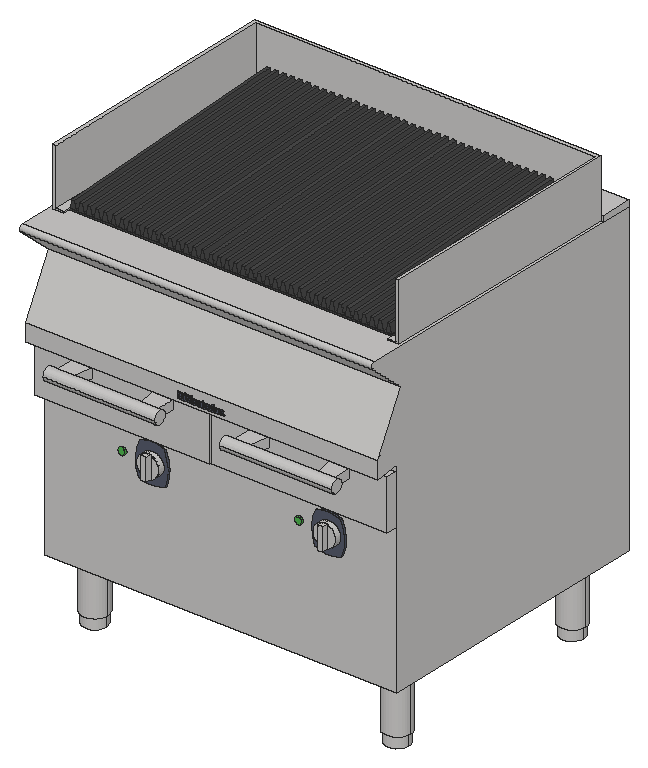
Revit family "QF_ELECTROLUXPROFESSIONAL_371438_E7JJATBAMEI", category Attrezzature speciali, Revit 2018
Family settings
  Quota connettore circolare = Usa diametro
  Tipo di parte = Normale
  Basato su piano di lavoro = No
  Sempre verticale = Sì
  Taglio con vuoti quando caricato = No
  Condiviso = No
  Punto di calcolo locali = No
Parameters (values of type "Standard")
  Weight = 75.00 kg
  Watts = 0 W
  Volts = 0 V
  URL Manufacturer = "https://www.electroluxprofessional.com/"
  URL = "https://www.electroluxprofessional.com/"
  Steam Supply Size = 0"
  Steam Supply Minimum Pressure = 0.00 psi
  Steam Supply Maximum Pressure = 0.00 psi
  Steam Consumption per Hour = 0
  Show Logo [instance] = yes
  Show Clearance [instance] = yes
  Refrigeration Suction Line Size = 0 mm
  Refrigeration Liquid Line Size = 0 mm
  Refrigerant Compressor Remote = yes
  Phase = 0
  Modello = "E7JJATBAMEI"
  Produttore = "Electrolux Professional"
  Length Actual = 800 mm  # constant formula
  Item Number = "371438"
  Hot Water Size = 0"
  Height Actual = 850 mm  # constant formula
  HP = "0 HP"
  Gas Size = 1/2"
  Gas KW = 16
  Gas Input Pressure = 0.269449 Btu/h
  Direct Waste Size = 0"
  Descrizione = "GAS GRILL ON BASE 800MM - QMARK"
  Depth Actual = 730 mm  # constant formula
  Cycle = 0 Hz
  Condensate Return Size = 0"
  Compressed Air Volume = 0 GPM
  Compressed Air Size = 0"
  Compressed Air Pressure = 0.00 psi
  Cold Water Size = 0"
  Base Height [instance] = 150 mm  # constant formula
  Assembly Code = ""
  Accessory = yes
Values of the unnamed type that differ from the named types
  Weight = 0.00 kg
  URL Manufacturer = ""
  Item Number = ""
  HP = ""
  Gas KW = 0
  Gas Input Pressure = 0.0 Btu/h
Reference planes
  plane 1 "BACK": y = 0
  plane 2: z = 0
  plane 3 "LEFT": x = 0
  plane 4 "RIGHT": x = 800.1
  plane 5 "FRONT": y = -730.25
  plane 6 "TOP": z = 982
  plane 7 "Center Y": x = 400.05
  plane 8 "Center X": y = -365.125
  plane 9 "BASE": z = 601
  plane 10 "TOP A": z = 851
  plane 11: y = -587.387
  plane 12: y = -90
  plane 13: z = 150
  plane 14: y = -754.062
Forms (mm)
  Extrusion 1, solid, material "QF_Finishes_Stainless Steel"
    sketch origin (0, 0, 0) x (0, 1, 0) y (0, 0, 1)
      loop
        line (0, 851) -> (-722.928, 851)
        arc (-722.928, 851) -> (-729.69, 846.314) -> (-727.679, 838.336) r 7.223
        line (-727.679, 838.336) -> (-646.919, 767.809) -> (-713.772, 646.19) -> (-713.772, 608.09) -> (-660.4, 613.7) -> (-660.4, 150) -> (0, 150) -> (0, 851)
    from 0 to 800.1
  Extrusion 2, solid, material "QF_Finishes_Clearance", visible <- "Show Clearance", detail levels coarse
    sketch origin (0, 0, 0) x (1, 0, 0) y (0, 1, 0)
      loop
        line (0, -730.25) -> (0, 0) -> (800.1, 0) -> (800.1, -730.25) -> (950.119, -730.25) -> (950.119, 150.019) -> (-150.019, 150.019) -> (-150.019, -730.25) -> (0, -730.25)
    from 0 to 982
  Revolve 3, solid, material "QF_Finishes_Stainless Steel"
    sketch origin (0, -587.387, 608.09) x (0, 0, 1) y (-1, 0, 0)
      loop
        line (-608.09, -56) -> (-458.09, -56) -> (-458.09, -26) -> (-583.09, -26) -> (-583.09, -29.75) -> (-608.09, -29.75) -> (-608.09, -56)
      axis (-608.09, -56) -> (-458.09, -56)
    angle from 0 to 360
  Revolve 4, solid, material "QF_Finishes_Stainless Steel"
    sketch origin (400.05, -587.387, 608.09) x (0, 0, 1) y (-1, 0, 0)
      loop
        line (-608.09, -344.05) -> (-608.09, -370.3) -> (-583.09, -370.3) -> (-583.09, -374.05) -> (-458.09, -374.05) -> (-458.09, -344.05) -> (-608.09, -344.05)
      axis (-608.09, -344.05) -> (-458.09, -344.05)
    angle from 0 to 360
  Revolve 5, solid, material "QF_Finishes_Stainless Steel"
    sketch origin (0, -90, 608.09) x (0, 0, 1) y (-1, 0, 0)
      loop
        line (-608.09, -56) -> (-458.09, -56) -> (-458.09, -26) -> (-583.09, -26) -> (-583.09, -29.75) -> (-608.09, -29.75) -> (-608.09, -56)
      axis (-608.09, -56) -> (-458.09, -56)
    angle from 0 to 360
  Revolve 6, solid, material "QF_Finishes_Stainless Steel"
    sketch origin (400.05, -90, 608.09) x (0, 0, 1) y (-1, 0, 0)
      loop
        line (-608.09, -344.05) -> (-608.09, -370.3) -> (-583.09, -370.3) -> (-583.09, -374.05) -> (-458.09, -374.05) -> (-458.09, -344.05) -> (-608.09, -344.05)
      axis (-608.09, -344.05) -> (-458.09, -344.05)
    angle from 0 to 360
  Extrusion 7, solid, material "QF_Finishes_Stainless Steel"
    sketch origin (-77.88, -4572, 150) x (-1, 0, 0) y (0, -1, 0)
      loop
        circle (-835.117, -4105.275) r 6.35
    from 3.2 to 0
  Extrusion 8, solid, material "QF_Finishes_Navy Blue"
    sketch origin (287.375, -660.4, 355.674) x (0, 0, 1) y (-1, 0, 0)
      loop
        arc (105.947, -332.692) -> (68.865, -323.711) -> (31.333, -330.573) r 91.844
        arc (31.333, -330.573) -> (24.206, -361.215) -> (31.333, -391.858) r 69.441
        arc (31.333, -391.858) -> (68.854, -398.569) -> (105.947, -389.79) r 93.759
        arc (105.947, -389.79) -> (112.176, -361.241) -> (105.947, -332.692) r 68.543
    from 0 to 3.175
  Extrusion 9, solid, material "QF_Finishes_Stainless Steel"
    sketch origin (488.625, -663.575, 355.674) x (0, 0, 1) y (-1, 0, 0)
      loop
        circle (68.826, -160.963) r 25.4
    from 0 to 12.7
  Extrusion 10, solid, material "QF_Finishes_Stainless Steel"
    sketch origin (488.625, -676.275, 355.674) x (0, 0, 1) y (-1, 0, 0)
      loop
        arc (93.558, -166.749) -> (94.226, -160.963) -> (93.558, -155.177) r 25.4
        line (93.558, -155.177) -> (44.094, -155.177)
        arc (44.094, -155.177) -> (43.426, -160.963) -> (44.094, -166.749) r 25.4
        line (44.094, -166.749) -> (93.558, -166.749)
    from 0 to 12.7
  Extrusion 11, solid, material "QF_Finishes_Stainless Steel"
    sketch origin (-77.88, -4572, 150) x (-1, 0, 0) y (0, -1, 0)
      loop
        circle (-812.98, -4071) r 6.35
    from 50 to 48.4
  Extrusion 12, solid, material "QF_Finishes_Stainless Steel"
    sketch origin (199.231, 0, -2.5) x (0, 1, 0) y (0, 0, 1)
      loop
        circle (-740.063, 582.209) r 14
    from -127 to 127
  Extrusion 13, solid, material "QF_Finishes_Stainless Steel"
    sketch origin (-23.75, 0, 567.009) x (-1, 0, 0) y (0, -1, 0)
      loop
        line (-109.731, 741.563) -> (-143.724, 741.563) -> (-153.724, 687.387) -> (-109.731, 687.387) -> (-109.731, 741.563)
      loop
        line (-336.231, 741.563) -> (-336.231, 687.387) -> (-292.238, 687.387) -> (-302.238, 741.563) -> (-336.231, 741.563)
      loop
        line (-737.869, 741.563) -> (-737.869, 687.387) -> (-693.876, 687.387) -> (-703.876, 741.563) -> (-737.869, 741.563)
      loop
        line (-511.369, 741.563) -> (-545.362, 741.563) -> (-555.362, 687.387) -> (-511.369, 687.387) -> (-511.369, 741.563)
    from 0 to 21.491
  Extrusion 14, solid, material "QF_Finishes_Green"
    sketch origin (212.375, -660.4, 355.674) x (0, 0, 1) y (-1, 0, 0)
      loop
        circle (69.533, -367.513) r 8
    from 0 to 3.175
  Sweep 15, solid, material "QF_Finishes_Stainless Steel"
    path origin (0, 0, 851) x (0, -1, 0) y (1, 0, 0)
      loop
        line (644.885, 787.4) -> (76.2, 787.4) -> (76.2, 12.7) -> (644.885, 12.7)
    profile origin (12.7, -360.542, 851) x (1, 0, 0) y (0, 0, 1)
      loop
        line (-6.35, 0) -> (19.05, 0) -> (19.05, 3.2) -> (0, 3.2) -> (0, 131) -> (-6.35, 131) -> (-6.35, 0)
  Extrusion 16, solid, material "QF_Finishes_Black"
    sketch origin (400.05, 0, 0) x (0, 1, 0) y (0, 0, 1)
      loop
        line (-629.41, 851) -> (-76.2, 851) -> (-76.2, 883.24) -> (-629.41, 854.99) -> (-629.41, 851)
    from -368.3 to 368.3
  Extrusion 17, solid, material "QF_Finishes_Stainless Steel"
    sketch origin (0, 0, 851) x (0, -1, 0) y (1, 0, 0)
      loop
        line (69.85, 0) -> (69.85, 800.1) -> (0, 800.1) -> (0, 0) -> (69.85, 0)
    from 0 to 12.5
  Extrusion 18, solid, material "QF_Finishes_Drawer Clearance", visible <- "Show Clearance", detail levels coarse
    sketch origin (0, -687.387, 601) x (0, 0, 1) y (-1, 0, 0)
      loop
        line (-113.268, -800.1) -> (0, -800.1) -> (0, 0) -> (-113.268, 0) -> (-113.268, -800.1)
    from 0 to 676.275
  Extrusion 19, solid, material "QF_Finishes_Navy Blue", visible <- "Show Logo"
    sketch origin (59.194, -713.772, 608.09) x (0, 0, 1) y (-1, 0, 0)
      loop
        line (20.674, -296.698) -> (8.307, -296.698)
        arc (8.307, -296.698) -> (14.491, -301.27) -> (20.674, -296.698) r 6.467
      loop
        arc (20.674, -296.069) -> (19.505, -290.926) -> (14.849, -288.448) r 6.338
        line (14.849, -288.448) -> (14.849, -290.494)
        arc (14.849, -290.494) -> (16.333, -294.149) -> (19.778, -296.069) r 5.941
        line (19.778, -296.069) -> (20.674, -296.069)
      loop
        arc (9.203, -296.069) -> (12.648, -294.149) -> (14.132, -290.494) r 5.941
        line (14.132, -290.494) -> (14.132, -288.448)
        arc (14.132, -288.448) -> (9.438, -290.922) -> (8.148, -296.069) r 6.504
        line (8.148, -296.069) -> (9.203, -296.069)
      loop
        line (21.349, -287.979) -> (7.604, -287.979) -> (7.604, -301.742) -> (21.349, -301.742) -> (21.349, -287.979)
      loop
        arc (21.432, -304.71) -> (21.085, -304.352) -> (20.718, -304.69) r 0.358
        arc (20.718, -304.69) -> (20.404, -305.44) -> (19.687, -305.825) r 1.216
        line (19.687, -305.825) -> (9.274, -305.825)
        arc (9.274, -305.825) -> (8.614, -305.548) -> (8.218, -304.951) r 1.238
        arc (8.218, -304.951) -> (7.823, -304.7) -> (7.518, -305.054) r 0.358
        line (7.518, -305.054) -> (7.518, -314.933) -> (10.269, -314.933) -> (10.269, -314.036)
        arc (10.269, -314.036) -> (9.36, -313.456) -> (8.904, -312.479) r 1.928
        line (8.904, -312.479) -> (8.904, -309.98)
        arc (8.904, -309.98) -> (9.18, -309.251) -> (9.868, -308.887) r 1.101
        line (9.868, -308.887) -> (13.955, -308.887) -> (13.955, -312.561)
        arc (13.955, -312.561) -> (13.602, -313.058) -> (13.037, -313.286) r 1.083
        arc (13.037, -313.286) -> (12.773, -313.591) -> (13.065, -313.869) r 0.292
        line (13.065, -313.869) -> (16.028, -313.869)
        arc (16.028, -313.869) -> (16.33, -313.596) -> (16.092, -313.266) r 0.305
        arc (16.092, -313.266) -> (15.601, -313.018) -> (15.296, -312.561) r 1.083
        line (15.296, -312.561) -> (15.296, -308.887) -> (19.973, -308.887) -> (19.973, -312.635)
        arc (19.973, -312.635) -> (19.759, -313.39) -> (19.153, -313.888) r 1.314
        arc (19.153, -313.888) -> (18.934, -314.292) -> (19.288, -314.585) r 0.361
        line (19.288, -314.585) -> (21.432, -314.585) -> (21.432, -304.71)
      loop
        arc (20.715, -315.365) -> (20.335, -316.284) -> (19.416, -316.664) r 1.299
        line (19.416, -316.664) -> (9.837, -316.664)
        arc (9.837, -316.664) -> (8.999, -316.286) -> (8.728, -315.408) r 1.118
        line (8.728, -315.408) -> (7.518, -315.408) -> (7.518, -320.758) -> (8.706, -320.758)
        arc (8.706, -320.758) -> (8.978, -319.841) -> (9.848, -319.445) r 1.153
        line (9.848, -319.445) -> (21.92, -319.445) -> (20.715, -315.365)
      loop
        line (12.483, -323.394) -> (12.483, -329.842) -> (13.282, -329.842)
        arc (13.282, -329.842) -> (15.862, -328.857) -> (17.131, -326.404) r 3.874
        line (17.131, -326.404) -> (17.131, -324.643)
        arc (17.131, -324.643) -> (15.944, -321.778) -> (13.08, -320.592) r 4.051
        line (13.08, -320.592) -> (11.072, -320.592)
        arc (11.072, -320.592) -> (8.253, -322.077) -> (7.202, -325.084) r 4.352
        arc (7.202, -325.084) -> (7.566, -327.547) -> (8.943, -329.621) r 5.713
        line (8.943, -329.621) -> (9.892, -329.621)
        arc (9.892, -329.621) -> (9.16, -328.052) -> (8.943, -326.334) r 5.579
        arc (8.943, -326.334) -> (9.737, -324.371) -> (11.616, -323.394) r 3.057
        line (11.616, -323.394) -> (12.483, -323.394)
      loop
        line (13.742, -323.394) -> (13.742, -326.977)
        arc (13.742, -326.977) -> (15.199, -327.024) -> (16.082, -325.864) r 1.59
        line (16.082, -325.864) -> (16.082, -325.034)
        arc (16.082, -325.034) -> (15.217, -323.779) -> (13.742, -323.394) r 2.184
      loop
        arc (16.533, -339.259) -> (17.022, -337.585) -> (17.179, -335.848) r 9.023
        line (17.179, -335.848) -> (17.179, -334.486)
        arc (17.179, -334.486) -> (16.02, -331.686) -> (13.22, -330.527) r 3.959
        line (13.22, -330.527) -> (10.62, -330.527)
        arc (10.62, -330.527) -> (8.338, -331.819) -> (7.221, -334.192) r 4.331
        line (7.221, -334.192) -> (7.221, -336.327)
        arc (7.221, -336.327) -> (7.729, -337.877) -> (8.651, -339.223) r 5.772
        arc (8.651, -339.223) -> (9.412, -339.274) -> (9.499, -338.515) r 0.553
        arc (9.499, -338.515) -> (9.111, -337.781) -> (8.977, -336.962) r 2.573
        line (8.977, -336.962) -> (8.977, -335.447)
        arc (8.977, -335.447) -> (9.983, -333.806) -> (11.798, -333.163) r 2.884
        line (11.798, -333.163) -> (13.077, -333.163)
        arc (13.077, -333.163) -> (14.898, -333.723) -> (15.824, -335.388) r 2.554
        line (15.824, -335.388) -> (15.824, -336.441)
        arc (15.824, -336.441) -> (15.493, -337.369) -> (14.836, -338.104) r 2.564
        arc (14.836, -338.104) -> (14.614, -338.821) -> (15.223, -339.259) r 0.643
        line (15.223, -339.259) -> (16.533, -339.259)
      loop
        line (15.515, -339.53) -> (15.515, -341.031) -> (9.467, -341.031)
        arc (9.467, -341.031) -> (7.879, -341.688) -> (7.221, -343.276) r 2.246
        line (7.221, -343.276) -> (7.221, -344.86)
        arc (7.221, -344.86) -> (7.535, -345.725) -> (8.035, -346.496) r 4.06
        arc (8.035, -346.496) -> (8.768, -346.629) -> (9.019, -345.928) r 0.576
        arc (9.019, -345.928) -> (8.913, -345.403) -> (8.977, -344.87) r 1.69
        arc (8.977, -344.87) -> (9.519, -344.082) -> (10.425, -343.779) r 1.506
        line (10.425, -343.779) -> (15.563, -343.779) -> (15.563, -346.176) -> (16.119, -346.733) -> (16.941, -346.733) -> (16.941, -343.873) -> (20.172, -343.873) -> (15.515, -339.53)
      loop
        line (7.438, -347.63) -> (7.438, -353.017) -> (8.548, -353.017)
        arc (8.548, -353.017) -> (8.942, -352.066) -> (9.893, -351.672) r 1.345
        line (9.893, -351.672) -> (13.509, -351.672)
        arc (13.509, -351.672) -> (14.274, -352.264) -> (14.564, -353.186) r 1.615
        line (14.564, -353.186) -> (14.564, -354.742) -> (17.119, -355.427) -> (17.119, -354.044) -> (15.177, -351.485) -> (17.057, -351.485) -> (16.773, -348.779)
        arc (16.773, -348.779) -> (16.333, -348.249) -> (15.674, -348.45) r 0.621
        arc (15.674, -348.45) -> (15.274, -348.792) -> (14.78, -348.975) r 1.501
        line (14.78, -348.975) -> (9.893, -348.975)
        arc (9.893, -348.975) -> (8.942, -348.581) -> (8.548, -347.63) r 1.345
        line (8.548, -347.63) -> (7.438, -347.63)
      loop
        line (13.54, -354.964) -> (10.848, -354.964)
        arc (10.848, -354.964) -> (8.403, -356.272) -> (7.269, -358.803) r 4.288
        arc (7.269, -358.803) -> (7.205, -360.183) -> (7.269, -361.563) r 15.022
        arc (7.269, -361.563) -> (8.403, -364.094) -> (10.848, -365.401) r 4.288
        line (10.848, -365.401) -> (13.54, -365.401)
        arc (13.54, -365.401) -> (15.986, -364.094) -> (17.119, -361.563) r 4.288
        arc (17.119, -361.563) -> (17.183, -360.183) -> (17.119, -358.803) r 15.022
        arc (17.119, -358.803) -> (15.986, -356.272) -> (13.54, -354.964) r 4.288
      loop
        line (13.745, -358.078) -> (10.643, -358.078)
        arc (10.643, -358.078) -> (8.486, -360.235) -> (10.643, -362.392) r 2.157
        line (10.643, -362.392) -> (13.745, -362.392)
        arc (13.745, -362.392) -> (15.902, -360.235) -> (13.745, -358.078) r 2.157
      loop
        arc (20.726, -365.26) -> (20.355, -366.154) -> (19.461, -366.524) r 1.264
        line (19.461, -366.524) -> (9.597, -366.524)
        arc (9.597, -366.524) -> (8.727, -366.127) -> (8.455, -365.211) r 1.153
        line (8.455, -365.211) -> (7.518, -365.211) -> (7.518, -370.319) -> (8.446, -370.319)
        arc (8.446, -370.319) -> (8.805, -369.547) -> (9.597, -369.232) r 1.153
        line (9.597, -369.232) -> (21.92, -369.232) -> (20.726, -365.26)
      loop
        arc (15.846, -369.857) -> (15.647, -370.921) -> (14.678, -371.403) r 1.215
        line (14.678, -371.403) -> (9.658, -371.403)
        arc (9.658, -371.403) -> (8.043, -372.051) -> (7.322, -373.634) r 2.338
        line (7.322, -373.634) -> (7.322, -375.148)
        arc (7.322, -375.148) -> (7.497, -376.152) -> (7.999, -377.038) r 2.979
        line (7.999, -377.038) -> (7.518, -378.835) -> (7.518, -380.524) -> (16.943, -380.524) -> (16.649, -376.32) -> (15.863, -376.32)
        arc (15.863, -376.32) -> (15.507, -377.156) -> (14.755, -377.665) r 1.605
        line (14.755, -377.665) -> (9.652, -377.665)
        arc (9.652, -377.665) -> (9.232, -376.728) -> (9.159, -375.704) r 2.94
        arc (9.159, -375.704) -> (9.72, -374.603) -> (10.873, -374.16) r 1.724
        line (10.873, -374.16) -> (17.07, -374.16) -> (15.846, -369.857)
      loop
        line (16.874, -381.377) -> (15.202, -383.423) -> (12.028, -385.729) -> (8.572, -382.617)
        arc (8.572, -382.617) -> (8.335, -382.223) -> (8.357, -381.764) r 0.789
        line (8.357, -381.764) -> (7.518, -381.764) -> (7.518, -385.309) -> (8.344, -385.309)
        arc (8.344, -385.309) -> (8.686, -384.947) -> (9.176, -385.039) r 0.52
        line (9.176, -385.039) -> (10.976, -386.51) -> (8.858, -387.886)
        arc (8.858, -387.886) -> (8.457, -387.576) -> (8.37, -387.076) r 0.7
        line (8.37, -387.076) -> (7.518, -387.076) -> (7.518, -393.003) -> (8.405, -393.003)
        arc (8.405, -393.003) -> (8.472, -392.344) -> (8.866, -391.813) r 1.247
        line (8.866, -391.813) -> (13.066, -388.532) -> (15.513, -390.585) -> (16.874, -392.327) -> (16.874, -388.604) -> (15.389, -389.026) -> (13.868, -387.749) -> (15.568, -386.559) -> (16.874, -387.336) -> (16.874, -381.377)
    from 0 to 1.644
  Extrusion 20, solid, material "QF_Finishes_Stainless Steel"
    sketch origin (0, -660.4, 601) x (0, 0, 1) y (-1, 0, 0)
      loop
        line (0, -398.462) -> (0, 0) -> (-113.268, 0) -> (-113.268, -398.462) -> (0, -398.462)
      loop
        line (0, -401.638) -> (-113.268, -401.638) -> (-113.268, -800.1) -> (0, -800.1) -> (0, -401.638)
    from 1.588 to 26.988
  Extrusion 21, solid, material "QF_Finishes_Stainless Steel"
    sketch origin (600.869, 0, -2.5) x (0, 1, 0) y (0, 0, -1)
      loop
        circle (-740.063, -582.209) r 14
    from -127 to 127
  Extrusion 22, solid, material "QF_Finishes_Navy Blue"
    sketch origin (-114.262, -660.4, 355.674) x (0, 0, 1) y (-1, 0, 0)
      loop
        arc (105.947, -332.692) -> (68.865, -323.711) -> (31.333, -330.573) r 91.844
        arc (31.333, -330.573) -> (24.206, -361.215) -> (31.333, -391.858) r 69.441
        arc (31.333, -391.858) -> (68.854, -398.569) -> (105.947, -389.79) r 93.759
        arc (105.947, -389.79) -> (112.176, -361.241) -> (105.947, -332.692) r 68.543
    from 0 to 3.175
  Extrusion 23, solid, material "QF_Finishes_Stainless Steel"
    sketch origin (86.988, -663.575, 355.674) x (0, 0, 1) y (-1, 0, 0)
      loop
        circle (68.826, -160.963) r 25.4
    from 0 to 12.7
  Extrusion 24, solid, material "QF_Finishes_Stainless Steel"
    sketch origin (86.988, -676.275, 355.674) x (0, 0, 1) y (-1, 0, 0)
      loop
        arc (93.558, -166.749) -> (94.226, -160.963) -> (93.558, -155.177) r 25.4
        line (93.558, -155.177) -> (44.094, -155.177)
        arc (44.094, -155.177) -> (43.426, -160.963) -> (44.094, -166.749) r 25.4
        line (44.094, -166.749) -> (93.558, -166.749)
    from 0 to 12.7
  Extrusion 25, solid, material "QF_Finishes_Green"
    sketch origin (-189.262, -660.4, 355.674) x (0, 0, 1) y (-1, 0, 0)
      loop
        circle (69.533, -367.513) r 8
    from 0 to 3.175
Cuts and joins
  joined: Extrusion 12, Extrusion 13, Extrusion 21
Lines and regions (mm)
  symbolic lines, style "QF-Clearances", visible <- "Show Clearance", detail levels coarse
    curve 1: line (-150.019, 150.019, 851) -> (-150.019, -731.627, 851)
    curve 2: line (950.119, 150.019, 851) -> (-150.019, 150.019, 851)
    curve 3: line (950.119, -731.627, 851) -> (950.119, 150.019, 851)
  symbolic lines
    curve 4: line (0, 0, 851) -> (800.1, 0, 851)
    curve 5: line (0, -730.25, 851) -> (0, 0, 851)
    curve 6: line (800.1, 0, 851) -> (800.1, -730.25, 851)
    curve 7: line (0, -69.85, 851) -> (0, -63.012, 851)
    curve 8: line (800.1, -730.25, 851) -> (0, -730.25, 851)
    curve 9: line (0, -69.85, 851) -> (800.1, -69.85, 851)
    curve 20: line (31.75, -644.885, 851) -> (31.75, -76.2, 851)
    curve 21: line (768.35, -76.2, 851) -> (768.35, -644.885, 851)
    curve 22: line (72.231, -754.063, 851) -> (326.231, -754.063, 851)
    curve 23: line (72.231, -730.25, 851) -> (72.231, -754.063, 851)
    curve 24: line (326.231, -754.063, 851) -> (326.231, -730.25, 851)
    curve 25: line (31.75, -629.41, 851) -> (768.35, -629.41, 851)
    curve 26: line (727.869, -754.063, 851) -> (473.869, -754.063, 851)
    curve 27: line (727.869, -730.25, 851) -> (727.869, -754.063, 851)
    curve 28: line (473.869, -754.063, 851) -> (473.869, -730.25, 851)
  symbolic lines, style "QF_Drawer Clearance"
    curve 10: line (0, -730.25, 851) -> (0, -1363.662, 851)
    curve 11: line (0, -1363.662, 851) -> (800.1, -1363.662, 851)
    curve 12: line (800.1, -1363.662, 851) -> (800.1, -730.25, 851)
  symbolic lines, style "SpecialityEquipment"
    curve 13: line (6.35, -69.85, 851) -> (6.35, -644.885, 851)
    curve 14: line (6.35, -644.885, 851) -> (31.75, -644.885, 851)
    curve 15: line (12.7, -644.885, 851) -> (12.7, -76.2, 851)
    curve 16: line (12.7, -76.2, 851) -> (787.4, -76.2, 851)
    curve 17: line (787.4, -76.2, 851) -> (787.4, -644.885, 851)
    curve 18: line (768.35, -644.885, 851) -> (793.75, -644.885, 851)
    curve 19: line (793.75, -644.885, 851) -> (793.75, -69.85, 851)
Dimensions and locks
  equal spacing: plane 3 "LEFT", plane 7 "Center Y", plane 4 "RIGHT"
  plane 3 "LEFT" to plane 4 "RIGHT" = 800.1 mm
  equal spacing: plane 5 "FRONT", plane 8 "Center X", plane 1 "BACK"
  plane 5 "FRONT" to plane 1 "BACK" = 730.25 mm
  plane 1 "BACK" to plane 5 "FRONT" = 730.25 mm
  locked: plane 10 "TOP A" to plane 9 "BASE" at 250
  "Base Height": plane 13 to level
  Extrusion 7 sketch curve to plane 1 "BACK" = 466.725 mm
  Extrusion 7 sketch curve to plane 4 "RIGHT" = 42.862 mm
  plane 6 "TOP" to level = 982 mm
  plane 1 "BACK" to plane 14 = 754.063 mm
  equal spacing: group 1, group 3, group 4, group 5, group 6, group 7, group 8, group 9, group 10, group 11, group 12, group 13, group 14, group 15, group 16, group 17, group 18, group 19, group 20, group 21, group 22, group 23, group 24, group 25, group 26, group 27, group 28, group 29, group 30, group 31, group 32, group 33, group 34, group 35, group 36, group 37, group 38, group 39, group 40, group 2  (x3)
  aligned and locked: level to plane 2
  aligned and locked: plane 4 "RIGHT" to Extrusion 1
  aligned and locked: plane 6 "TOP" to Extrusion 2
Automatic sketch dimensions
  Revolve 3 sketch curve to level = 0 mm
  Revolve 3 sketch curve to plane 13 = 0 mm  (x2)
  level to Revolve 3 sketch curve = 25 mm
  Revolve 3 sketch curve to Revolve 3 sketch curve = 20 mm
  plane 3 "LEFT" to Revolve 3 sketch curve = 56 mm
  Revolve 3 sketch curve to Revolve 3 sketch curve = 0 mm
  plane 3 "LEFT" to Revolve 3 sketch curve = 29.75 mm
  plane 3 "LEFT" to Revolve 3 sketch curve = 26 mm
  Revolve 5 sketch curve to level = 0 mm
  Revolve 5 sketch curve to plane 13 = 0 mm  (x2)
  level to Revolve 5 sketch curve = 25 mm
  Revolve 5 sketch curve to Revolve 5 sketch curve = 20 mm
  plane 3 "LEFT" to Revolve 5 sketch curve = 56 mm
  Revolve 5 sketch curve to Revolve 5 sketch curve = 0 mm
  plane 3 "LEFT" to Revolve 5 sketch curve = 29.75 mm
  plane 3 "LEFT" to Revolve 5 sketch curve = 26 mm
  Extrusion 10 sketch curve to Extrusion 10 sketch curve = 24.732 mm
  Extrusion 10 sketch curve to Extrusion 10 sketch curve = 0 mm
  plane 5 "FRONT" to Extrusion 12 sketch curve = 9.813 mm
  Extrusion 12 sketch curve to plane 9 "BASE" = 21.291 mm
  Extrusion 14 sketch curve to plane 9 "BASE" = 175.792 mm
  plane 7 "Center Y" to Extrusion 14 sketch curve = 179.839 mm
  Extrusion 16 sketch curve to plane 10 "TOP A" = 0 mm
  plane 11 to Extrusion 16 sketch curve = 42.023 mm
  Extrusion 16 sketch curve to plane 12 = 13.8 mm
  Extrusion 16 sketch curve to Extrusion 16 sketch curve = 3.99 mm
  Extrusion 16 sketch curve to Extrusion 16 sketch curve = 32.24 mm
  plane 9 "BASE" to Extrusion 19 sketch curve = 9.251 mm
  plane 9 "BASE" to Extrusion 19 sketch curve = 14.292 mm
  plane 7 "Center Y" to Extrusion 19 sketch curve = 4.003 mm
  plane 9 "BASE" to Extrusion 19 sketch curve = 14.311 mm
  Extrusion 19 sketch curve to Extrusion 19 sketch curve = 0 mm  (x28)
  Extrusion 19 sketch curve to Extrusion 19 sketch curve = 5.108 mm  (x2)
  Extrusion 19 sketch curve to Extrusion 19 sketch curve = 0.054 mm
  Extrusion 19 sketch curve to Extrusion 19 sketch curve = 0.218 mm
  Extrusion 19 sketch curve to Extrusion 19 sketch curve = 0.195 mm
  Extrusion 19 sketch curve to Extrusion 19 sketch curve = 0.249 mm
  plane 9 "BASE" to Extrusion 19 sketch curve = 14.608 mm
  Extrusion 19 sketch curve to Extrusion 19 sketch curve = 0.087 mm
  Extrusion 19 sketch curve to Extrusion 19 sketch curve = 0.358 mm
  Extrusion 19 sketch curve to Extrusion 19 sketch curve = 0.481 mm
  Extrusion 19 sketch curve to Extrusion 19 sketch curve = 0.597 mm
  Extrusion 19 sketch curve to Extrusion 19 sketch curve = 0.544 mm
  Extrusion 19 sketch curve to Extrusion 19 sketch curve = 0.936 mm
  Extrusion 19 sketch curve to Extrusion 19 sketch curve = 0.594 mm
  Extrusion 19 sketch curve to Extrusion 19 sketch curve = 0.343 mm
  Extrusion 19 sketch curve to Extrusion 19 sketch curve = 0.159 mm
  Extrusion 19 sketch curve to Extrusion 19 sketch curve = 0.826 mm
  Extrusion 19 sketch curve to Extrusion 19 sketch curve = 0.839 mm
  Extrusion 19 sketch curve to Extrusion 19 sketch curve = 0.852 mm
  Extrusion 19 sketch curve to Extrusion 19 sketch curve = 0.887 mm
  Extrusion 19 sketch curve to Extrusion 19 sketch curve = 0.928 mm
  Extrusion 19 sketch curve to Extrusion 19 sketch curve = 0.938 mm
  Extrusion 19 sketch curve to Extrusion 19 sketch curve = 0.444 mm
  Extrusion 19 sketch curve to Extrusion 19 sketch curve = 1.11 mm  (x3)
  Extrusion 19 sketch curve to Extrusion 19 sketch curve = 0.215 mm
  Extrusion 19 sketch curve to plane 7 "Center Y" = 1.633 mm
  Extrusion 19 sketch curve to Extrusion 19 sketch curve = 1.43 mm
  Extrusion 19 sketch curve to Extrusion 19 sketch curve = 1.188 mm
  Extrusion 19 sketch curve to Extrusion 19 sketch curve = 1.21 mm  (x2)
  Extrusion 19 sketch curve to Extrusion 19 sketch curve = 0.503 mm
  Extrusion 19 sketch curve to Extrusion 19 sketch curve = 0.488 mm
  Extrusion 19 sketch curve to Extrusion 19 sketch curve = 0.462 mm
  Extrusion 19 sketch curve to Extrusion 19 sketch curve = 1.386 mm
  Extrusion 19 sketch curve to Extrusion 19 sketch curve = 1.742 mm  (x2)
  Extrusion 19 sketch curve to Extrusion 19 sketch curve = 0.821 mm
  Extrusion 19 sketch curve to Extrusion 19 sketch curve = 0.497 mm
  Extrusion 19 sketch curve to Extrusion 19 sketch curve = 0.539 mm
  Extrusion 19 sketch curve to Extrusion 19 sketch curve = 0.686 mm
  Extrusion 19 sketch curve to Extrusion 19 sketch curve = 0.408 mm
  Extrusion 19 sketch curve to Extrusion 19 sketch curve = 0.743 mm
  Extrusion 19 sketch curve to Extrusion 19 sketch curve = 1.16 mm
  Extrusion 19 sketch curve to Extrusion 19 sketch curve = 0.329 mm
  Extrusion 19 sketch curve to Extrusion 19 sketch curve = 1.054 mm
  Extrusion 19 sketch curve to Extrusion 19 sketch curve = 1.056 mm
  Extrusion 19 sketch curve to Extrusion 19 sketch curve = 0.129 mm
  Extrusion 19 sketch curve to Extrusion 19 sketch curve = 0.489 mm
  Extrusion 19 sketch curve to Extrusion 19 sketch curve = 0.441 mm
  Extrusion 19 sketch curve to Extrusion 19 sketch curve = 1.151 mm
  Extrusion 19 sketch curve to Extrusion 19 sketch curve = 1.141 mm  (x2)
  Extrusion 19 sketch curve to Extrusion 19 sketch curve = 0.768 mm
  Extrusion 19 sketch curve to Extrusion 19 sketch curve = 1.653 mm
  Extrusion 19 sketch curve to Extrusion 19 sketch curve = 0.499 mm
  Extrusion 19 sketch curve to Extrusion 19 sketch curve = 0.964 mm
  Extrusion 19 sketch curve to Extrusion 19 sketch curve = 0.949 mm
  Extrusion 19 sketch curve to Extrusion 19 sketch curve = 1.345 mm  (x2)
  Extrusion 19 sketch curve to Extrusion 19 sketch curve = 0.137 mm  (x2)
  Extrusion 19 sketch curve to Extrusion 19 sketch curve = 0.432 mm
  Extrusion 19 sketch curve to Extrusion 19 sketch curve = 1.142 mm
  Extrusion 19 sketch curve to Extrusion 19 sketch curve = 0.959 mm
  Extrusion 19 sketch curve to Extrusion 19 sketch curve = 0.176 mm
  Extrusion 19 sketch curve to Extrusion 19 sketch curve = 0.728 mm
  Extrusion 19 sketch curve to Extrusion 19 sketch curve = 3.375 mm  (x2)
  Extrusion 19 sketch curve to Extrusion 19 sketch curve = 1.905 mm
  Extrusion 19 sketch curve to Extrusion 19 sketch curve = 0.955 mm
  Extrusion 19 sketch curve to Extrusion 19 sketch curve = 1.251 mm
  Extrusion 19 sketch curve to Extrusion 19 sketch curve = 0.572 mm
  Extrusion 19 sketch curve to Extrusion 19 sketch curve = 1.92 mm
  Extrusion 19 sketch curve to Extrusion 19 sketch curve = 1.224 mm
  Extrusion 19 sketch curve to Extrusion 19 sketch curve = 0.745 mm
  Extrusion 19 sketch curve to Extrusion 19 sketch curve = 2.537 mm
  Extrusion 19 sketch curve to Extrusion 19 sketch curve = 0.896 mm  (x3)
  Extrusion 19 sketch curve to Extrusion 19 sketch curve = 0.036 mm
  Extrusion 19 sketch curve to Extrusion 19 sketch curve = 2.607 mm
  Extrusion 19 sketch curve to Extrusion 19 sketch curve = 0.066 mm
  Extrusion 19 sketch curve to Extrusion 19 sketch curve = 0.248 mm
  Extrusion 19 sketch curve to Extrusion 19 sketch curve = 0.449 mm
  Extrusion 19 sketch curve to Extrusion 19 sketch curve = 1.052 mm
  Extrusion 19 sketch curve to Extrusion 19 sketch curve = 1.863 mm
  Extrusion 19 sketch curve to Extrusion 19 sketch curve = 1.31 mm  (x2)
  Extrusion 19 sketch curve to Extrusion 19 sketch curve = 0.901 mm
  Extrusion 19 sketch curve to Extrusion 19 sketch curve = 1.107 mm
  Extrusion 19 sketch curve to Extrusion 19 sketch curve = 2.122 mm
  Extrusion 19 sketch curve to Extrusion 19 sketch curve = 2.101 mm
  Extrusion 19 sketch curve to Extrusion 19 sketch curve = 0.106 mm
  Extrusion 19 sketch curve to Extrusion 19 sketch curve = 0.029 mm
  Extrusion 19 sketch curve to Extrusion 19 sketch curve = 2.09 mm
  Extrusion 19 sketch curve to Extrusion 19 sketch curve = 1.279 mm
  Extrusion 19 sketch curve to Extrusion 19 sketch curve = 2.008 mm
  Extrusion 19 sketch curve to Extrusion 19 sketch curve = 0.738 mm
  Extrusion 19 sketch curve to Extrusion 19 sketch curve = 0.382 mm
  Extrusion 19 sketch curve to Extrusion 19 sketch curve = 0.384 mm
  Extrusion 19 sketch curve to Extrusion 19 sketch curve = 0.002 mm
  Extrusion 19 sketch curve to Extrusion 19 sketch curve = 0.561 mm
  Extrusion 19 sketch curve to Extrusion 19 sketch curve = 0.592 mm
  Extrusion 19 sketch curve to Extrusion 19 sketch curve = 2.692 mm
  Extrusion 19 sketch curve to Extrusion 19 sketch curve = 1.259 mm
  Extrusion 19 sketch curve to Extrusion 19 sketch curve = 0.802 mm
  Extrusion 19 sketch curve to Extrusion 19 sketch curve = 1.024 mm  (x2)
  Extrusion 19 sketch curve to Extrusion 19 sketch curve = 0.682 mm
  Extrusion 19 sketch curve to Extrusion 19 sketch curve = 5.934 mm
  Extrusion 19 sketch curve to Extrusion 19 sketch curve = 2.186 mm
  Extrusion 19 sketch curve to Extrusion 19 sketch curve = 0.337 mm
  Extrusion 19 sketch curve to Extrusion 19 sketch curve = 0.021 mm
  Extrusion 19 sketch curve to Extrusion 19 sketch curve = 1.005 mm
  Extrusion 19 sketch curve to Extrusion 19 sketch curve = 0.552 mm
  Extrusion 19 sketch curve to Extrusion 19 sketch curve = 0.778 mm
  Extrusion 19 sketch curve to Extrusion 19 sketch curve = 0.063 mm
  Extrusion 19 sketch curve to Extrusion 19 sketch curve = 1.023 mm
  Extrusion 19 sketch curve to Extrusion 19 sketch curve = 3.804 mm
  Extrusion 19 sketch curve to Extrusion 19 sketch curve = 0.486 mm
  Extrusion 19 sketch curve to Extrusion 19 sketch curve = 0.266 mm  (x2)
  Extrusion 19 sketch curve to Extrusion 19 sketch curve = 1.547 mm
  Extrusion 19 sketch curve to Extrusion 19 sketch curve = 0.717 mm  (x2)
  Extrusion 19 sketch curve to Extrusion 19 sketch curve = 1.667 mm
  Extrusion 19 sketch curve to Extrusion 19 sketch curve = 3.174 mm
  Extrusion 19 sketch curve to Extrusion 19 sketch curve = 0.388 mm
  Extrusion 19 sketch curve to Extrusion 19 sketch curve = 1.342 mm
  Extrusion 19 sketch curve to Extrusion 19 sketch curve = 1.521 mm
  Extrusion 19 sketch curve to Extrusion 19 sketch curve = 0.124 mm
  Extrusion 19 sketch curve to Extrusion 19 sketch curve = 0.291 mm
  plane 7 "Center Y" to Extrusion 19 sketch curve = 5.32 mm
  Extrusion 19 sketch curve to Extrusion 19 sketch curve = 1.049 mm  (x2)
  Extrusion 19 sketch curve to Extrusion 19 sketch curve = 1.7 mm
  Extrusion 19 sketch curve to Extrusion 19 sketch curve = 0.894 mm
  Extrusion 19 sketch curve to Extrusion 19 sketch curve = 0.989 mm
  Extrusion 19 sketch curve to Extrusion 19 sketch curve = 1.168 mm
  Extrusion 19 sketch curve to Extrusion 19 sketch curve = 1.594 mm
  Extrusion 19 sketch curve to Extrusion 19 sketch curve = 0.731 mm
  Extrusion 19 sketch curve to Extrusion 19 sketch curve = 1.566 mm
  Extrusion 19 sketch curve to Extrusion 19 sketch curve = 0.064 mm
  plane 7 "Center Y" to Extrusion 19 sketch curve = 5.876 mm
  Extrusion 19 sketch curve to Extrusion 19 sketch curve = 0.556 mm  (x2)
  Extrusion 19 sketch curve to Extrusion 19 sketch curve = 0.48 mm
  Extrusion 19 sketch curve to Extrusion 19 sketch curve = 1.018 mm
  Extrusion 19 sketch curve to Extrusion 19 sketch curve = 0.787 mm
  Extrusion 19 sketch curve to Extrusion 19 sketch curve = 0.618 mm
  Extrusion 19 sketch curve to Extrusion 19 sketch curve = 1.672 mm
  Extrusion 19 sketch curve to Extrusion 19 sketch curve = 1.361 mm
  Extrusion 19 sketch curve to Extrusion 19 sketch curve = 0.822 mm
  Extrusion 19 sketch curve to Extrusion 19 sketch curve = 0.069 mm
  Extrusion 19 sketch curve to Extrusion 19 sketch curve = 1.88 mm
  Extrusion 19 sketch curve to Extrusion 19 sketch curve = 0.42 mm
  Extrusion 19 sketch curve to Extrusion 19 sketch curve = 0.062 mm
  Extrusion 19 sketch curve to Extrusion 19 sketch curve = 1.355 mm
  Extrusion 19 sketch curve to Extrusion 19 sketch curve = 2.34 mm
  Extrusion 19 sketch curve to Extrusion 19 sketch curve = 0.493 mm
  Extrusion 19 sketch curve to Extrusion 19 sketch curve = 0.136 mm
  Extrusion 19 sketch curve to Extrusion 19 sketch curve = 0.128 mm
  Extrusion 19 sketch curve to Extrusion 19 sketch curve = 3.616 mm
  Extrusion 19 sketch curve to Extrusion 19 sketch curve = 4.207 mm
  Extrusion 19 sketch curve to Extrusion 19 sketch curve = 0.183 mm
  Extrusion 19 sketch curve to Extrusion 19 sketch curve = 0.895 mm
  Extrusion 19 sketch curve to Extrusion 19 sketch curve = 1.314 mm
  Extrusion 19 sketch curve to Extrusion 19 sketch curve = 3.231 mm
  Extrusion 19 sketch curve to Extrusion 19 sketch curve = 1.299 mm
  Extrusion 19 sketch curve to Extrusion 19 sketch curve = 1.214 mm
  Extrusion 19 sketch curve to Extrusion 19 sketch curve = 1.264 mm
  Extrusion 19 sketch curve to Extrusion 19 sketch curve = 0.109 mm
  Extrusion 19 sketch curve to Extrusion 19 sketch curve = 0.357 mm
  Extrusion 19 sketch curve to Extrusion 19 sketch curve = 0.565 mm
  Extrusion 19 sketch curve to Extrusion 19 sketch curve = 2.504 mm
  Extrusion 19 sketch curve to Extrusion 19 sketch curve = 2.459 mm
  Extrusion 19 sketch curve to Extrusion 19 sketch curve = 1.322 mm
  Extrusion 19 sketch curve to Extrusion 19 sketch curve = 2.77 mm
  Extrusion 19 sketch curve to Extrusion 19 sketch curve = 2.51 mm
  Extrusion 19 sketch curve to Extrusion 19 sketch curve = 0.187 mm
  Extrusion 19 sketch curve to Extrusion 19 sketch curve = 2.559 mm
  Extrusion 19 sketch curve to Extrusion 19 sketch curve = 1.556 mm
  Extrusion 19 sketch curve to Extrusion 19 sketch curve = 0.222 mm
  Extrusion 19 sketch curve to Extrusion 19 sketch curve = 1.383 mm
  Extrusion 19 sketch curve to Extrusion 19 sketch curve = 3.114 mm
  Extrusion 19 sketch curve to Extrusion 19 sketch curve = 3.376 mm
  Extrusion 19 sketch curve to Extrusion 19 sketch curve = 0.934 mm
  Extrusion 19 sketch curve to Extrusion 19 sketch curve = 0.191 mm
  Extrusion 19 sketch curve to Extrusion 19 sketch curve = 3.696 mm
  Extrusion 19 sketch curve to Extrusion 19 sketch curve = 2.708 mm
  Extrusion 19 sketch curve to Extrusion 19 sketch curve = 3.333 mm
  Extrusion 19 sketch curve to Extrusion 19 sketch curve = 0.332 mm
  Extrusion 19 sketch curve to Extrusion 19 sketch curve = 1.087 mm
  Extrusion 19 sketch curve to Extrusion 19 sketch curve = 2.23 mm
  Extrusion 19 sketch curve to Extrusion 19 sketch curve = 2.757 mm
  Extrusion 19 sketch curve to Extrusion 19 sketch curve = 0.987 mm
  Extrusion 19 sketch curve to Extrusion 19 sketch curve = 1.529 mm
  Extrusion 19 sketch curve to Extrusion 19 sketch curve = 1.796 mm
  Extrusion 19 sketch curve to Extrusion 19 sketch curve = 2.859 mm
  Extrusion 19 sketch curve to Extrusion 19 sketch curve = 0.853 mm
  Extrusion 19 sketch curve to Extrusion 19 sketch curve = 1.241 mm
  Extrusion 19 sketch curve to Extrusion 19 sketch curve = 2.046 mm  (x2)
  Extrusion 19 sketch curve to Extrusion 19 sketch curve = 2.422 mm
  Extrusion 19 sketch curve to Extrusion 19 sketch curve = 0.27 mm  (x2)
  Extrusion 19 sketch curve to Extrusion 19 sketch curve = 0.69 mm
  Extrusion 19 sketch curve to Extrusion 19 sketch curve = 0.781 mm  (x2)
  Extrusion 19 sketch curve to Extrusion 19 sketch curve = 3.136 mm
  Extrusion 19 sketch curve to Extrusion 19 sketch curve = 1.767 mm
  Extrusion 19 sketch curve to Extrusion 19 sketch curve = 0.138 mm
  Extrusion 19 sketch curve to Extrusion 19 sketch curve = 0.777 mm
  Extrusion 19 sketch curve to Extrusion 19 sketch curve = 1.19 mm
  Extrusion 19 sketch curve to Extrusion 19 sketch curve = 0.782 mm
  Extrusion 19 sketch curve to Extrusion 19 sketch curve = 1.268 mm
  Extrusion 19 sketch curve to Extrusion 19 sketch curve = 0.422 mm  (x2)
  Extrusion 19 sketch curve to Extrusion 19 sketch curve = 1.559 mm
  Extrusion 19 sketch curve to Extrusion 19 sketch curve = 3.927 mm
  Extrusion 19 sketch curve to Extrusion 19 sketch curve = 0.983 mm
  Extrusion 19 sketch curve to Extrusion 19 sketch curve = 1.134 mm
  Extrusion 19 sketch curve to Extrusion 19 sketch curve = 0.094 mm
  Extrusion 19 sketch curve to Extrusion 19 sketch curve = 1.584 mm
  Extrusion 19 sketch curve to plane 7 "Center Y" = 1.327 mm
  Extrusion 19 sketch curve to Extrusion 19 sketch curve = 0.643 mm
  Extrusion 19 sketch curve to Extrusion 19 sketch curve = 0.916 mm
  Extrusion 19 sketch curve to Extrusion 19 sketch curve = 0.352 mm
  Extrusion 19 sketch curve to Extrusion 19 sketch curve = 0.458 mm
  Extrusion 19 sketch curve to Extrusion 19 sketch curve = 1.282 mm
  Extrusion 19 sketch curve to Extrusion 19 sketch curve = 1.363 mm
  Extrusion 19 sketch curve to Extrusion 19 sketch curve = 0.685 mm
  Extrusion 19 sketch curve to Extrusion 19 sketch curve = 0.905 mm
  Extrusion 19 sketch curve to Extrusion 19 sketch curve = 2.865 mm
  Extrusion 19 sketch curve to Extrusion 19 sketch curve = 0.472 mm
  Extrusion 19 sketch curve to Extrusion 19 sketch curve = 0.101 mm
  Extrusion 19 sketch curve to Extrusion 19 sketch curve = 0.54 mm
  Extrusion 19 sketch curve to Extrusion 19 sketch curve = 0.02 mm
  Extrusion 19 sketch curve to Extrusion 19 sketch curve = 0.468 mm
  Extrusion 19 sketch curve to Extrusion 19 sketch curve = 0.829 mm
  Extrusion 19 sketch curve to Extrusion 19 sketch curve = 0.582 mm
  Extrusion 19 sketch curve to Extrusion 19 sketch curve = 0.166 mm
  Extrusion 19 sketch curve to Extrusion 19 sketch curve = 0.16 mm
  Extrusion 19 sketch curve to Extrusion 19 sketch curve = 2.781 mm
  Extrusion 19 sketch curve to Extrusion 19 sketch curve = 1.118 mm
  Extrusion 19 sketch curve to Extrusion 19 sketch curve = 0.613 mm
  Extrusion 19 sketch curve to Extrusion 19 sketch curve = 0.361 mm
  Extrusion 19 sketch curve to Extrusion 19 sketch curve = 0.897 mm
  Extrusion 19 sketch curve to Extrusion 19 sketch curve = 0.167 mm
  Extrusion 19 sketch curve to Extrusion 19 sketch curve = 0.292 mm
  Extrusion 19 sketch curve to Extrusion 19 sketch curve = 0.305 mm
  Extrusion 19 sketch curve to Extrusion 19 sketch curve = 1.557 mm
  Extrusion 19 sketch curve to Extrusion 19 sketch curve = 2.499 mm
  Extrusion 19 sketch curve to Extrusion 19 sketch curve = 3.062 mm
  Extrusion 19 sketch curve to Extrusion 19 sketch curve = 2.968 mm
  Extrusion 19 sketch curve to Extrusion 19 sketch curve = 5.044 mm
  Extrusion 19 sketch curve to Extrusion 19 sketch curve = 0.629 mm  (x2)
  Extrusion 19 sketch curve to Extrusion 19 sketch curve = 1.131 mm
  Extrusion 19 sketch curve to Extrusion 19 sketch curve = 0.027 mm
  Extrusion 19 sketch curve to Extrusion 19 sketch curve = 2.235 mm
  plane 5 "FRONT" to Extrusion 21 sketch curve = 9.813 mm
  Extrusion 21 sketch curve to plane 9 "BASE" = 21.291 mm
  Extrusion 22 sketch curve to plane 9 "BASE" = 213.993 mm
  Extrusion 22 sketch curve to Extrusion 22 sketch curve = 0 mm
  Extrusion 22 sketch curve to Extrusion 22 sketch curve = 12.3 mm  (x3)
  Extrusion 22 sketch curve to Extrusion 22 sketch curve = 34.925 mm  (x2)
  Extrusion 22 sketch curve to Extrusion 22 sketch curve = 50.015 mm
  Extrusion 22 sketch curve to plane 7 "Center Y" = 98.795 mm
  Extrusion 22 sketch curve to Extrusion 22 sketch curve = 23.66 mm
  Extrusion 22 sketch curve to Extrusion 22 sketch curve = 25.727 mm
  Extrusion 22 sketch curve to Extrusion 22 sketch curve = 30.616 mm
  Extrusion 24 sketch curve to Extrusion 24 sketch curve = 24.732 mm
  Extrusion 24 sketch curve to Extrusion 24 sketch curve = 0 mm
  Extrusion 25 sketch curve to plane 9 "BASE" = 175.792 mm
  plane 3 "LEFT" to Extrusion 25 sketch curve = 178.251 mm
  Extrusion 1 sketch curve to plane 10 "TOP A" = 0 mm
  Extrusion 1 sketch curve to plane 13 = 0 mm
  Extrusion 1 sketch curve to plane 1 "BACK" = 0 mm
  plane 11 to Extrusion 1 sketch curve = 59.531 mm
  plane 9 "BASE" to Extrusion 1 sketch curve = 12.7 mm
  Extrusion 1 sketch curve to plane 5 "FRONT" = 69.85 mm
  plane 9 "BASE" to Extrusion 1 sketch curve = 7.09 mm
  Extrusion 1 sketch curve to plane 5 "FRONT" = 16.478 mm
  Extrusion 1 sketch curve to plane 5 "FRONT" = 7.322 mm
  Extrusion 1 sketch curve to plane 5 "FRONT" = 2.571 mm
  Extrusion 1 sketch curve to Extrusion 1 sketch curve = 38.1 mm
  Extrusion 1 sketch curve to plane 10 "TOP A" = 83.191 mm
  Extrusion 1 sketch curve to plane 10 "TOP A" = 12.664 mm
  plane 5 "FRONT" to Extrusion 2 sketch curve = 0 mm  (x2)
  plane 1 "BACK" to Extrusion 2 sketch curve = 0 mm
  Extrusion 2 sketch curve to plane 3 "LEFT" = 0 mm
  Extrusion 2 sketch curve to plane 4 "RIGHT" = 0 mm
  Extrusion 2 sketch curve to plane 3 "LEFT" = 150.019 mm
  plane 4 "RIGHT" to Extrusion 2 sketch curve = 150.019 mm
  Extrusion 2 sketch curve to plane 1 "BACK" = 150.019 mm
  curve 12 to plane 4 "RIGHT" = 0 mm
  curve 27 to plane 14 = 0 mm
  plane 5 "FRONT" to curve 27 = 0 mm
  curve 24 to plane 14 = 0 mm
  curve 11 to plane 3 "LEFT" = 0 mm
  curve 7 to plane 3 "LEFT" = 0 mm
  plane 1 "BACK" to curve 5 = 0 mm
  plane 4 "RIGHT" to curve 3 = 150.019 mm
  curve 19 to plane 4 "RIGHT" = 6.35 mm
  curve 18 to curve 17 = 6.35 mm
  curve 17 to curve 25 = 19.05 mm
  curve 27 to plane 4 "RIGHT" = 72.231 mm
  plane 7 "Center Y" to curve 26 = 73.819 mm
  curve 24 to plane 7 "Center Y" = 73.819 mm
  plane 3 "LEFT" to curve 23 = 72.231 mm
  plane 3 "LEFT" to curve 14 = 31.75 mm
  plane 3 "LEFT" to curve 15 = 12.7 mm
  curve 15 to curve 13 = 6.35 mm
  plane 5 "FRONT" to curve 1 = 1.377 mm
  curve 1 to plane 3 "LEFT" = 150.019 mm
  curve 1 to plane 1 "BACK" = 150.019 mm
  curve 7 to plane 12 = 26.988 mm
  curve 7 to curve 13 = 6.838 mm
  curve 7 to curve 9 = 0 mm
  curve 20 to plane 12 = 13.8 mm
  plane 11 to curve 25 = 42.023 mm
  curve 25 to curve 17 = 15.475 mm
  curve 25 to curve 13 = 15.475 mm
  plane 5 "FRONT" to curve 3 = 1.377 mm
  curve 11 to plane 14 = 609.6 mm
  Revolve 4 sketch curve to level = 0 mm
  Revolve 4 sketch curve to plane 13 = 0 mm  (x2)
  level to Revolve 4 sketch curve = 25 mm
  Revolve 4 sketch curve to Revolve 4 sketch curve = 20 mm
  Revolve 4 sketch curve to plane 4 "RIGHT" = 26 mm
  Revolve 4 sketch curve to Revolve 4 sketch curve = 3.75 mm
  Revolve 4 sketch curve to Revolve 4 sketch curve = 30 mm
  Revolve 4 sketch curve to Revolve 4 sketch curve = 0 mm
  Revolve 6 sketch curve to level = 0 mm
  Revolve 6 sketch curve to plane 13 = 0 mm  (x2)
  level to Revolve 6 sketch curve = 25 mm
  plane 13 to Revolve 6 sketch curve = 20 mm
  Revolve 6 sketch curve to plane 4 "RIGHT" = 26 mm
  Revolve 6 sketch curve to Revolve 6 sketch curve = 3.75 mm
  Revolve 6 sketch curve to Revolve 6 sketch curve = 30 mm
  Revolve 6 sketch curve to Revolve 6 sketch curve = 0 mm
  Extrusion 8 sketch curve to plane 9 "BASE" = 213.993 mm
  Extrusion 8 sketch curve to Extrusion 8 sketch curve = 0 mm
  Extrusion 8 sketch curve to Extrusion 8 sketch curve = 12.3 mm  (x3)
  Extrusion 8 sketch curve to Extrusion 8 sketch curve = 34.925 mm  (x2)
  Extrusion 8 sketch curve to Extrusion 8 sketch curve = 50.015 mm
  Extrusion 8 sketch curve to plane 4 "RIGHT" = 97.207 mm
  Extrusion 8 sketch curve to Extrusion 8 sketch curve = 23.66 mm
  Extrusion 8 sketch curve to Extrusion 8 sketch curve = 25.727 mm
  Extrusion 8 sketch curve to Extrusion 8 sketch curve = 30.616 mm
  Extrusion 11 sketch curve to Extrusion 11 sketch curve = 0 mm  (x2)
  Extrusion 11 sketch curve to plane 4 "RIGHT" = 58.65 mm
  Extrusion 11 sketch curve to Extrusion 11 sketch curve = 6.35 mm
  Extrusion 11 sketch curve to plane 11 = 86.388 mm
  plane 5 "FRONT" to Extrusion 13 sketch curve = 11.313 mm  (x4)
  Extrusion 13 sketch curve to plane 4 "RIGHT" = 85.981 mm
  Extrusion 13 sketch curve to Extrusion 13 sketch curve = 33.993 mm  (x3)
  Extrusion 13 sketch curve to plane 5 "FRONT" = 42.863 mm  (x4)
  Extrusion 13 sketch curve to Extrusion 13 sketch curve = 43.993 mm  (x3)
  plane 7 "Center Y" to Extrusion 13 sketch curve = 131.562 mm
  Extrusion 13 sketch curve to Extrusion 13 sketch curve = 10 mm  (x2)
  Extrusion 13 sketch curve to plane 7 "Center Y" = 87.569 mm
  plane 3 "LEFT" to Extrusion 13 sketch curve = 129.974 mm
  Extrusion 1 to Sweep 15 sketch curve = 12.7 mm  (x2)
  Extrusion 1 to Sweep 15 sketch curve = 76.2 mm
  Sweep 15 sketch curve to Extrusion 1 = 78.043 mm  (x2)
  Sweep 15 sketch curve to profile plane = 0 mm
  profile plane to Sweep 15 sketch curve = 0 mm
  profile plane to Sweep 15 sketch curve = 6.35 mm
  Sweep 15 sketch curve to profile plane = 19.05 mm
  profile plane to Sweep 15 sketch curve = 3.2 mm
  Sweep 15 sketch curve to Sweep 15 sketch curve = 127.8 mm
  Extrusion 17 sketch curve to Extrusion 1 = 0 mm  (x3)
  Extrusion 17 sketch curve to Extrusion 17 sketch curve = 69.85 mm
  Extrusion 20 to Extrusion 18 sketch curve = 0 mm
  Extrusion 18 sketch curve to Extrusion 20 = 0 mm  (x3)
  Extrusion 1 to Extrusion 20 sketch curve = 0 mm
  Extrusion 20 sketch curve to Extrusion 1 = 0 mm
  Extrusion 1 to Extrusion 20 sketch curve = 125.968 mm  (x2)
  Extrusion 1 to Extrusion 20 sketch curve = 12.7 mm  (x2)
  Extrusion 1 to Extrusion 20 sketch curve = 398.462 mm
  Extrusion 20 sketch curve to Extrusion 20 sketch curve = 3.175 mm
  radius of Extrusion 9 sketch curve = 25.4 mm
  radius of Extrusion 10 sketch curve to Extrusion 9 = 0 mm  (x2)
  radius of Extrusion 12 sketch curve = 14 mm
  radius of Extrusion 14 sketch curve = 8 mm
  radius of Extrusion 21 sketch curve = 14 mm
  radius of Extrusion 23 sketch curve = 25.4 mm
  radius of Extrusion 24 sketch curve to Extrusion 23 = 0 mm  (x2)
  radius of Extrusion 25 sketch curve = 8 mm
  radius of Extrusion 7 sketch curve = 6.35 mm
Nested families
  nested 1: "371065_QF_Electrolux_GRILL" at (35.406, -76.2, 850.769), type "371065_QF_Electrolux_GRILL"
    with Type Mark "", Specification by User "", Revision Code "", Item Number "", Installed By "", Identify Quantity as Lot yes, Furnished By "", Foodservice Equipment Identifier yes
  nested 2: "371065_QF_Electrolux_GRILL" at (752.634, -76.2, 850.769), type "371065_QF_Electrolux_GRILL"
    with Type Mark "", Specification by User "", Revision Code "", Item Number "", Installed By "", Identify Quantity as Lot yes, Furnished By "", Foodservice Equipment Identifier yes
  nested 3: "371065_QF_Electrolux_GRILL" at (53.797, -76.2, 850.769), type "371065_QF_Electrolux_GRILL"
    with Type Mark "", Specification by User "", Revision Code "", Item Number "", Installed By "", Identify Quantity as Lot yes, Furnished By "", Foodservice Equipment Identifier yes
  nested 4: "371065_QF_Electrolux_GRILL" at (72.187, -76.2, 850.769), type "371065_QF_Electrolux_GRILL"
    with Type Mark "", Specification by User "", Revision Code "", Item Number "", Installed By "", Identify Quantity as Lot yes, Furnished By "", Foodservice Equipment Identifier yes
  nested 5: "371065_QF_Electrolux_GRILL" at (90.578, -76.2, 850.769), type "371065_QF_Electrolux_GRILL"
    with Type Mark "", Specification by User "", Revision Code "", Item Number "", Installed By "", Identify Quantity as Lot yes, Furnished By "", Foodservice Equipment Identifier yes
  nested 6: "371065_QF_Electrolux_GRILL" at (108.968, -76.2, 850.769), type "371065_QF_Electrolux_GRILL"
    with Type Mark "", Specification by User "", Revision Code "", Item Number "", Installed By "", Identify Quantity as Lot yes, Furnished By "", Foodservice Equipment Identifier yes
  nested 7: "371065_QF_Electrolux_GRILL" at (127.358, -76.2, 850.769), type "371065_QF_Electrolux_GRILL"
    with Type Mark "", Specification by User "", Revision Code "", Item Number "", Installed By "", Identify Quantity as Lot yes, Furnished By "", Foodservice Equipment Identifier yes
  nested 8: "371065_QF_Electrolux_GRILL" at (145.749, -76.2, 850.769), type "371065_QF_Electrolux_GRILL"
    with Type Mark "", Specification by User "", Revision Code "", Item Number "", Installed By "", Identify Quantity as Lot yes, Furnished By "", Foodservice Equipment Identifier yes
  nested 9: "371065_QF_Electrolux_GRILL" at (164.139, -76.2, 850.769), type "371065_QF_Electrolux_GRILL"
    with Type Mark "", Specification by User "", Revision Code "", Item Number "", Installed By "", Identify Quantity as Lot yes, Furnished By "", Foodservice Equipment Identifier yes
  nested 10: "371065_QF_Electrolux_GRILL" at (182.53, -76.2, 850.769), type "371065_QF_Electrolux_GRILL"
    with Type Mark "", Specification by User "", Revision Code "", Item Number "", Installed By "", Identify Quantity as Lot yes, Furnished By "", Foodservice Equipment Identifier yes
  nested 11: "371065_QF_Electrolux_GRILL" at (200.92, -76.2, 850.769), type "371065_QF_Electrolux_GRILL"
    with Type Mark "", Specification by User "", Revision Code "", Item Number "", Installed By "", Identify Quantity as Lot yes, Furnished By "", Foodservice Equipment Identifier yes
  nested 12: "371065_QF_Electrolux_GRILL" at (219.311, -76.2, 850.769), type "371065_QF_Electrolux_GRILL"
    with Type Mark "", Specification by User "", Revision Code "", Item Number "", Installed By "", Identify Quantity as Lot yes, Furnished By "", Foodservice Equipment Identifier yes
  nested 13: "371065_QF_Electrolux_GRILL" at (237.701, -76.2, 850.769), type "371065_QF_Electrolux_GRILL"
    with Type Mark "", Specification by User "", Revision Code "", Item Number "", Installed By "", Identify Quantity as Lot yes, Furnished By "", Foodservice Equipment Identifier yes
  nested 14: "371065_QF_Electrolux_GRILL" at (256.092, -76.2, 850.769), type "371065_QF_Electrolux_GRILL"
    with Type Mark "", Specification by User "", Revision Code "", Item Number "", Installed By "", Identify Quantity as Lot yes, Furnished By "", Foodservice Equipment Identifier yes
  nested 15: "371065_QF_Electrolux_GRILL" at (274.482, -76.2, 850.769), type "371065_QF_Electrolux_GRILL"
    with Type Mark "", Specification by User "", Revision Code "", Item Number "", Installed By "", Identify Quantity as Lot yes, Furnished By "", Foodservice Equipment Identifier yes
  nested 16: "371065_QF_Electrolux_GRILL" at (292.872, -76.2, 850.769), type "371065_QF_Electrolux_GRILL"
    with Type Mark "", Specification by User "", Revision Code "", Item Number "", Installed By "", Identify Quantity as Lot yes, Furnished By "", Foodservice Equipment Identifier yes
  nested 17: "371065_QF_Electrolux_GRILL" at (311.263, -76.2, 850.769), type "371065_QF_Electrolux_GRILL"
    with Type Mark "", Specification by User "", Revision Code "", Item Number "", Installed By "", Identify Quantity as Lot yes, Furnished By "", Foodservice Equipment Identifier yes
  nested 18: "371065_QF_Electrolux_GRILL" at (329.653, -76.2, 850.769), type "371065_QF_Electrolux_GRILL"
    with Type Mark "", Specification by User "", Revision Code "", Item Number "", Installed By "", Identify Quantity as Lot yes, Furnished By "", Foodservice Equipment Identifier yes
  nested 19: "371065_QF_Electrolux_GRILL" at (348.044, -76.2, 850.769), type "371065_QF_Electrolux_GRILL"
    with Type Mark "", Specification by User "", Revision Code "", Item Number "", Installed By "", Identify Quantity as Lot yes, Furnished By "", Foodservice Equipment Identifier yes
  nested 20: "371065_QF_Electrolux_GRILL" at (366.434, -76.2, 850.769), type "371065_QF_Electrolux_GRILL"
    with Type Mark "", Specification by User "", Revision Code "", Item Number "", Installed By "", Identify Quantity as Lot yes, Furnished By "", Foodservice Equipment Identifier yes
  nested 21: "371065_QF_Electrolux_GRILL" at (384.825, -76.2, 850.769), type "371065_QF_Electrolux_GRILL"
    with Type Mark "", Specification by User "", Revision Code "", Item Number "", Installed By "", Identify Quantity as Lot yes, Furnished By "", Foodservice Equipment Identifier yes
  nested 22: "371065_QF_Electrolux_GRILL" at (403.215, -76.2, 850.769), type "371065_QF_Electrolux_GRILL"
    with Type Mark "", Specification by User "", Revision Code "", Item Number "", Installed By "", Identify Quantity as Lot yes, Furnished By "", Foodservice Equipment Identifier yes
  nested 23: "371065_QF_Electrolux_GRILL" at (421.606, -76.2, 850.769), type "371065_QF_Electrolux_GRILL"
    with Type Mark "", Specification by User "", Revision Code "", Item Number "", Installed By "", Identify Quantity as Lot yes, Furnished By "", Foodservice Equipment Identifier yes
  nested 24: "371065_QF_Electrolux_GRILL" at (439.996, -76.2, 850.769), type "371065_QF_Electrolux_GRILL"
    with Type Mark "", Specification by User "", Revision Code "", Item Number "", Installed By "", Identify Quantity as Lot yes, Furnished By "", Foodservice Equipment Identifier yes
  nested 25: "371065_QF_Electrolux_GRILL" at (458.386, -76.2, 850.769), type "371065_QF_Electrolux_GRILL"
    with Type Mark "", Specification by User "", Revision Code "", Item Number "", Installed By "", Identify Quantity as Lot yes, Furnished By "", Foodservice Equipment Identifier yes
  nested 26: "371065_QF_Electrolux_GRILL" at (476.777, -76.2, 850.769), type "371065_QF_Electrolux_GRILL"
    with Type Mark "", Specification by User "", Revision Code "", Item Number "", Installed By "", Identify Quantity as Lot yes, Furnished By "", Foodservice Equipment Identifier yes
  nested 27: "371065_QF_Electrolux_GRILL" at (495.167, -76.2, 850.769), type "371065_QF_Electrolux_GRILL"
    with Type Mark "", Specification by User "", Revision Code "", Item Number "", Installed By "", Identify Quantity as Lot yes, Furnished By "", Foodservice Equipment Identifier yes
  nested 28: "371065_QF_Electrolux_GRILL" at (513.558, -76.2, 850.769), type "371065_QF_Electrolux_GRILL"
    with Type Mark "", Specification by User "", Revision Code "", Item Number "", Installed By "", Identify Quantity as Lot yes, Furnished By "", Foodservice Equipment Identifier yes
  nested 29: "371065_QF_Electrolux_GRILL" at (531.948, -76.2, 850.769), type "371065_QF_Electrolux_GRILL"
    with Type Mark "", Specification by User "", Revision Code "", Item Number "", Installed By "", Identify Quantity as Lot yes, Furnished By "", Foodservice Equipment Identifier yes
  nested 30: "371065_QF_Electrolux_GRILL" at (550.339, -76.2, 850.769), type "371065_QF_Electrolux_GRILL"
    with Type Mark "", Specification by User "", Revision Code "", Item Number "", Installed By "", Identify Quantity as Lot yes, Furnished By "", Foodservice Equipment Identifier yes
